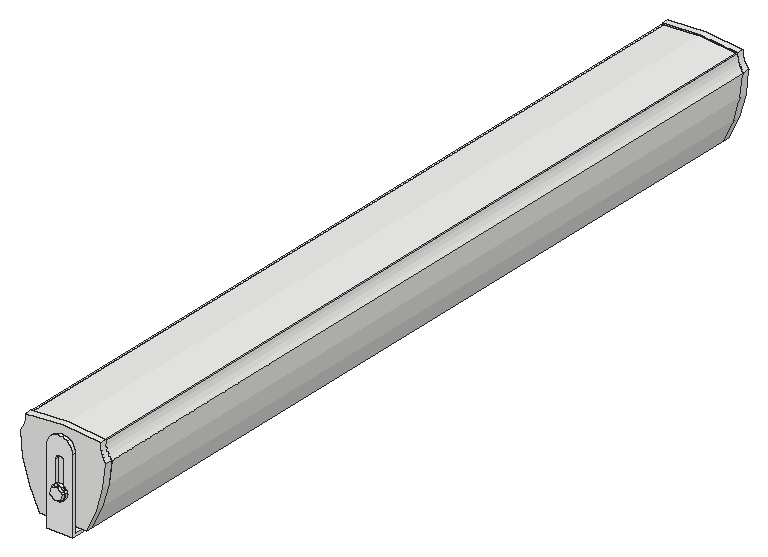
Revit family "Electronics_Desono_Biamp_Two-Way-Column-Loudspeaker_COLS81", category Communication Devices, host Face, Revit 2020
Family settings
  Host = Face
  Maintain Annotation Orientation = No
  Round Connector Dimension = Use Diameter
  Part Type = Normal
  OmniClass Number = 23.85.10.11.14.14.14
  OmniClass Title = Loudspeakers
  Cut with Voids When Loaded = No
  Shared = No
  Room Calculation Point = No
Parameters (values of type "COLS81")
  Width = 0' - 2.59843"  # constant formula
  Weight = 6.40 lbf  # constant formula
  URL = "https://www.biamp.com/"
  Transformer = "70V: 30W, 15W, 7.5W, 3W; 100V: 30W, 15W, 7.5W"  # constant formula
  Transducers = "LF 8 x 2 (51 mm) coated paper cone HF 1 x 1 (25 mm) soft dome"  # constant formula
  Shipping Weight = 7.30 lbf  # constant formula
  Rotate angle [instance] = 0.00°
  Recommended Amplifers = "30W - 60W @ 16Ω (22V - 31V)"  # constant formula
  Product data url = "https://www.bimobject.com/biamp/product/cols81_desono-column"
  Product Page URL = "https://www.biamp.com/products/product-families/desono/column-loudspeakers#cols81"
  Product Documentation Link = "https://downloads.biamp.com/assets/docs/default-source/data-sheets/biamp_data_sheet_desono_cols81_jun21.pdf"
  Operating Range 2 (-10dB) = "185 Hz to 22 kHz"  # constant formula
  Operating Mode = "Passive"  # constant formula
  Operating Environment = "Indoor/Outdoor"  # constant formula
  Offset [instance] = 0' - 0"
  Nominal Sensitivity @ 1m = "1W - 89dB; 2.83V - 86dB"  # constant formula
  Nominal Maximum SPL @ 1m = "Peak - 110dB; Continuous - 104dB"  # constant formula
  Nominal Beamwidth (H x V) = "120° x 15°"  # constant formula
  Nom rotate angle [instance] = if(and(Nom offset < 0' 0 1/4", or(Rotate angle < -15.00°, Rotate angle = -15.00°)), -15.00°, if(and(Nom offset < 0' 0 1/4", and(Rotate angle > -15.00°, Rotate angle < 15.00°)), Rotate angle, if(and(Nom offset < 0' 0 1/4", or(Rotate angle > 15.00°, Rotate angle = 15.00°)), 15.00°, if(and(and(Nom offset > 0' 0 51/256", Nom offset < 0' 0 217/256"), or(Rotate angle < -90.00°, Rotate angle = -90.00°)), -90.00°, if(and(and(Nom offset > 0' 0 51/256", Nom offset < 0' 0 217/256"), and(Rotate angle > -90.00°, Rotate angle < 90.00°)), Rotate angle, if(and(and(Nom offset > 0' 0 51/256", Nom offset < 0' 0 217/256"), or(Rotate angle > 90.00°, Rotate angle = 90.00°)), 90.00°, 0.00°))))))  # 0.00°
  Nom offset [instance] = if(or(Offset < 0' 0", Offset = 0' 0"), 0' 0", if(and(Offset > 0' 0", Offset < 0' 0 217/256"), Offset, if(or(Offset > 0' 0 217/256", Offset = 0' 0 217/256"), 0' 0 217/256", 0' 0")))  # 0' - 0"
  Mounting Provisions = "Adjustable tilt L-bracket"  # constant formula
  Model = "COLS81"  # constant formula
  Manufacturer = "Biamp"  # constant formula
  Input Connection = "Multi-position pass-through, screw-down terminal block"  # constant formula
  Housing Material = Biamp - Plastic - White
  Height = 2' - 0.17323"  # constant formula
  Grill Material = Biamp - Plastic - White(Grid)
  Environmental = "IP66 per IEC 60529"  # constant formula
  Description = "Desono™ COLS81 Two-Way 8 x 2 Column Loudspeaker"  # constant formula
  Depth = 0' - 2.59843"  # constant formula
  Default Elevation = 4' - 0"
  Controls = "None; select transformer tap or low impedance input via terminal block wiring"  # constant formula
  Continuous Power Handling Nominal Impedance = "22V; 30W @ 16Ω (120W peak)"  # constant formula
  Connector Description = "Terminal block; Low impedance 16 ohms; 70V/100V operation"  # constant formula
  Bracket Material = Biamp - Metal - White
Reference planes (in)
  plane 1 "Center (Front/Back)": y = 0
  plane 2: z = 0
  plane 3 "Center (Left/Right)": x = 0
  plane 4: z = 1.09766
  plane 5: z = 1.09766
Forms (in)
  Sweep 1, solid, material "Biamp - Metal - White" <- "Bracket Material", detail levels coarse
    path origin (0, 0, 0) x (1, 0, 0) y (0, 1, 0)
      loop
        line (0.3937, 0) -> (-0.3937, 0)
    profile origin (0, 0, 0) x (0, -1, 0) y (0, 0, 1)
      loop
        line (-12.20472, 0) -> (-9.13386, 0) -> (-9.13386, 0.07874) -> (-12.12598, 0.07874) -> (-12.12598, 2.61565) -> (-12.20472, 2.61565) -> (-12.20472, 0)
      loop
        line (12.20472, 0) -> (12.20472, 2.61565) -> (12.12598, 2.61565) -> (12.12598, 0.07874) -> (9.13386, 0.07874) -> (9.13386, 0) -> (12.20472, 0)
  Sweep 2, solid, material "Biamp - Metal - White" <- "Bracket Material", detail levels medium+fine
    path origin (0, 0, 0) x (1, 0, 0) y (0, 1, 0)
      loop
        line (0.3937, 0) -> (-0.3937, 0)
    profile origin (0, 0, 0) x (0, -1, 0) y (0, 0, 1)
      loop
        line (-12.20472, 0) -> (-9.13386, 0) -> (-9.13386, 0.07874) -> (-12.12598, 0.07874) -> (-12.12598, 2.61565) -> (-12.20472, 2.61565) -> (-12.20472, 0)
      loop
        line (12.20472, 0) -> (12.20472, 2.61565) -> (12.12598, 2.61565) -> (12.12598, 0.07874) -> (9.13386, 0.07874) -> (9.13386, 0) -> (12.20472, 0)
  Sweep 3, void
    path origin (0, 0, 0) x (1, 0, 0) y (0, 1, 0)
      loop
        line (0, -12.28346) -> (0, 12.28346)
    profile origin (0, 0, 0) x (-1, 0, 0) y (0, 0, 1)
      loop
        line (0.3937, 2.22195) -> (0.7874, 2.73406) -> (-0.7874, 2.73406) -> (-0.3937, 2.22195)
        arc (-0.3937, 2.22195) -> (0, 2.61565) -> (0.3937, 2.22195) r 0.3937
  Sweep 4, void
    path origin (0, 0, 0) x (1, 0, 0) y (0, 1, 0)
      loop
        line (0, -12.28346) -> (0, 12.28346)
    profile origin (0, 0, 0) x (-1, 0, 0) y (0, 0, 1)
      loop
        line (0.11834, 1.08194) -> (0.11834, 1.95664)
        arc (0.11834, 1.95664) -> (0, 2.07499) -> (-0.11834, 1.95664) r 0.11834
        line (-0.11834, 1.95664) -> (-0.11834, 1.08194)
        arc (-0.11834, 1.08194) -> (0, 0.9636) -> (0.11834, 1.08194) r 0.11834
  Revolve 5, solid, material "Biamp - Metal - White" <- "Bracket Material"
    sketch origin (0, 0, 0) x (0, 1, 0) y (0, 0, 1)
      loop
        line (11.9853, 1.09766) -> (12.27165, 1.09766) -> (12.27165, 1.31774) -> (12.20472, 1.31774) -> (12.20472, 1.15852) -> (11.9853, 1.15852) -> (11.9853, 1.09766)
      loop
        line (-11.9853, 1.09766) -> (-11.9853, 1.15852) -> (-12.20472, 1.15852) -> (-12.20472, 1.31774) -> (-12.27165, 1.31774) -> (-12.27165, 1.09766) -> (-11.9853, 1.09766)
      axis (-12.27165, 1.09766) -> (12.27165, 1.09766)
    angle from 0 to 360
  Sweep 6, solid, material "Biamp - Metal - White" <- "Bracket Material", detail levels medium+fine
    path origin (0, 4.13386, 0) x (0, 1, 0) y (0, 0, 1)
      loop
        line (8.13779, 1.09766) -> (8.21091, 1.09766)
    profile origin (0, 12.30821, 1.09766) x (0, 0, 1) y (1, 0, 0)
      loop
        line (0.05002, 0.18667) -> (-0.13665, 0.13665) -> (-0.18667, -0.05002) -> (-0.05002, -0.18667) -> (0.13665, -0.13665) -> (0.18667, 0.05002) -> (0.05002, 0.18667)
  Sweep 7, solid, material "Biamp - Metal - White" <- "Bracket Material", detail levels medium+fine
    path origin (0, -4.13386, 0) x (0, -1, 0) y (0, 0, 1)
      loop
        line (8.13779, 1.09766) -> (8.21091, 1.09766)
    profile origin (0, -12.30821, 1.09766) x (0, 0, -1) y (1, 0, 0)
      loop
        line (-0.05002, 0.18667) -> (-0.18667, 0.05002) -> (-0.13665, -0.13665) -> (0.05002, -0.18667) -> (0.18667, -0.05002) -> (0.13665, 0.13665) -> (-0.05002, 0.18667)
Cuts and joins
  Sweep 3, Sweep 4 cuts Sweep 2
  Sweep 4 cuts Sweep 1
Lines and regions (in)
  Masking region 1
    outline origin (0, 0, 0) x (1, 0, 0) y (0, 0, 1)
      loop
        line (-0.3937, 0) -> (0.3937, 0) -> (0.3937, 2.22195)
        arc (0.3937, 2.22195) -> (0, 2.61565) -> (-0.3937, 2.22195) r 0.3937
        line (-0.3937, 2.22195) -> (-0.3937, 0)
      loop
        line (0.11834, 1.08194) -> (0.11834, 1.95664)
        arc (0.11834, 1.95664) -> (0, 2.07499) -> (-0.11834, 1.95664) r 0.11834
        line (-0.11834, 1.95664) -> (-0.11834, 1.08194)
        arc (-0.11834, 1.08194) -> (0, 0.9636) -> (0.11834, 1.08194) r 0.11834
  Masking region 2
    outline origin (0, 0, 0) x (1, 0, 0) y (0, 1, 0)
      loop
        line (-0.3937, 12.28346) -> (-0.3937, 9.2126) -> (0.3937, 9.2126) -> (0.3937, 12.28346) -> (-0.3937, 12.28346)
      loop
        line (-0.3937, -12.28346) -> (0.3937, -12.28346) -> (0.3937, -9.2126) -> (-0.3937, -9.2126) -> (-0.3937, -12.28346)
  Masking region 3
    outline origin (0, 0, 0) x (1, 0, 0) y (0, 0, 1)
      loop
        circle (0, 1.09766) r 0.22008
  reference lines
    curve 1: line (0, 0, 1.09766) -> (0, 0, 4.64096)
Dimensions and locks (in)
  Masking region 1 sketch curve to Masking region 1 sketch curve = 0' - 2.22195"
  plane 2 to Masking region 1 sketch curve = 0' - 1.08194"
  "Nom offset": plane 4 to plane 5
  "Nom rotate angle": angle curve 1 to plane 3 "Center (Left/Right)"
  aligned and locked: plane 2 to host face
  aligned and locked: level to host face
  aligned and locked: plane 3 "Center (Left/Right)" to curve 1
  aligned and locked: plane 4 to curve 1
  aligned and locked: Sweep 7 sketch curve to plane 4
Automatic sketch dimensions
  host sketch curve to host sketch curve = 8' - 0"  (x2)
  plane 1 "Center (Front/Back)" to Sweep 1 sketch curve = 0' - 0"
  Sweep 1 sketch curve to plane 3 "Center (Left/Right)" = 0' - 0.3937"
  plane 3 "Center (Left/Right)" to Sweep 1 sketch curve = 0' - 0.3937"
  Sweep 1 sketch curve to level = 0' - 0"  (x2)
  level to Sweep 1 sketch curve = 0' - 2.61565"
  profile plane to Sweep 1 sketch curve = 1' - 0.20472"
  Sweep 1 sketch curve to Sweep 1 sketch curve = 0' - 0.07874"  (x2)
  level to Sweep 1 sketch curve = 0' - 0.07874"  (x2)
  Sweep 1 sketch curve to Sweep 1 sketch curve = 0' - 2.99213"  (x2)
  Sweep 1 sketch curve to profile plane = 0' - 9.13386"
  Sweep 1 sketch curve to Sweep 1 sketch curve = 0' - 2.53691"
  plane 1 "Center (Front/Back)" to Sweep 2 sketch curve = 0' - 0"
  Sweep 2 sketch curve to plane 3 "Center (Left/Right)" = 0' - 0.3937"
  plane 3 "Center (Left/Right)" to Sweep 2 sketch curve = 0' - 0.3937"
  Sweep 2 sketch curve to level = 0' - 0"  (x2)
  level to Sweep 2 sketch curve = 0' - 2.61565"
  profile plane to Sweep 2 sketch curve = 1' - 0.20472"
  Sweep 2 sketch curve to Sweep 2 sketch curve = 0' - 0.07874"  (x2)
  level to Sweep 2 sketch curve = 0' - 0.07874"  (x2)
  Sweep 2 sketch curve to Sweep 2 sketch curve = 0' - 2.99213"  (x2)
  Sweep 2 sketch curve to profile plane = 0' - 9.13386"
  Sweep 2 sketch curve to Sweep 2 sketch curve = 0' - 2.53691"
  Sweep 3 sketch curve to profile plane = 0' - 0"
  profile plane to Sweep 3 sketch curve = 0' - 0.3937"
  Sweep 3 sketch curve to Sweep 3 sketch curve = 0' - 0.3937"  (x2)
  level to Sweep 3 sketch curve = 0' - 2.22195"
  Sweep 3 sketch curve to Sweep 3 sketch curve = 0' - 0.51211"
  Sweep 4 sketch curve to plane 3 "Center (Left/Right)" = 0' - 0"
  plane 1 "Center (Front/Back)" to Sweep 4 sketch curve = 1' - 0.28346"
  Sweep 4 sketch curve to plane 1 "Center (Front/Back)" = 1' - 0.28346"
  Sweep 4 sketch curve to profile plane = 0' - 0"
  profile plane to Sweep 4 sketch curve = 0' - 0.11834"
  level to Sweep 4 sketch curve = 0' - 1.08194"
  Sweep 4 sketch curve to Sweep 4 sketch curve = 0' - 0.8747"
  Revolve 5 sketch curve to plane 4 = 0' - 0"  (x3)
  plane 1 "Center (Front/Back)" to Revolve 5 sketch curve = 1' - 0.27165"
  Revolve 5 sketch curve to Revolve 5 sketch curve = 0' - 0.06693"  (x2)
  Revolve 5 sketch curve to Revolve 5 sketch curve = 0' - 0.21943"  (x2)
  Revolve 5 sketch curve to plane 1 "Center (Front/Back)" = 0' - 11.9853"
  plane 4 to Revolve 5 sketch curve = 0' - 0.06086"  (x2)
  Revolve 5 sketch curve to Revolve 5 sketch curve = 0' - 0.15922"  (x2)
  Revolve 5 sketch curve to Revolve 5 sketch curve = 0' - 4.26876"
  Revolve 5 sketch curve to Revolve 5 sketch curve = 0' - 3.96457"
  Sweep 6 sketch curve to plane 4 = 0' - 0"
  Sweep 6 sketch curve to plane 1 "Center (Front/Back)" = 1' - 0.27165"
  Sweep 6 sketch curve to Sweep 6 sketch curve = 0' - 0.07312"
  Sweep 6 sketch curve to plane 3 "Center (Left/Right)" = 0' - 0.05002"
  profile plane to Sweep 6 sketch curve = 0' - 0.18667"
  profile plane to Sweep 6 sketch curve = 0' - 0.13665"
  profile plane to Sweep 6 sketch curve = 0' - 0.05002"
  Sweep 6 sketch curve to profile plane = 0' - 0.05002"
  Sweep 6 sketch curve to profile plane = 0' - 0.13665"
  plane 3 "Center (Left/Right)" to Sweep 6 sketch curve = 0' - 0.05002"
  Sweep 6 sketch curve to profile plane = 0' - 0.18667"
  Sweep 6 sketch curve to plane 3 "Center (Left/Right)" = 0' - 0.13665"
  Sweep 6 sketch curve to plane 3 "Center (Left/Right)" = 0' - 0.18667"
  plane 3 "Center (Left/Right)" to Sweep 6 sketch curve = 0' - 0.13665"
  plane 3 "Center (Left/Right)" to Sweep 6 sketch curve = 0' - 0.18667"
  Sweep 7 sketch curve to plane 1 "Center (Front/Back)" = 1' - 0.27165"
  Sweep 7 sketch curve to Sweep 7 sketch curve = 0' - 0.07312"
  plane 3 "Center (Left/Right)" to Sweep 7 sketch curve = 0' - 0.05002"
  profile plane to Sweep 7 sketch curve = 0' - 0.18667"
  profile plane to Sweep 7 sketch curve = 0' - 0.13665"
  profile plane to Sweep 7 sketch curve = 0' - 0.05002"
  Sweep 7 sketch curve to profile plane = 0' - 0.05002"
  Sweep 7 sketch curve to profile plane = 0' - 0.13665"
  Sweep 7 sketch curve to plane 3 "Center (Left/Right)" = 0' - 0.05002"
  Sweep 7 sketch curve to profile plane = 0' - 0.18667"
  Sweep 7 sketch curve to plane 3 "Center (Left/Right)" = 0' - 0.13665"
  Sweep 7 sketch curve to plane 3 "Center (Left/Right)" = 0' - 0.18667"
  plane 3 "Center (Left/Right)" to Sweep 7 sketch curve = 0' - 0.13665"
  plane 3 "Center (Left/Right)" to Sweep 7 sketch curve = 0' - 0.18667"
  Masking region 1 sketch curve to level = 0' - 0"
  Masking region 1 sketch curve to plane 3 "Center (Left/Right)" = 0' - 0.3937"
  Masking region 1 sketch curve to plane 3 "Center (Left/Right)" = 0' - 0"  (x2)
  Sweep 3 sketch curve to plane 3 "Center (Left/Right)" = 0' - 0"
  plane 1 "Center (Front/Back)" to Sweep 3 sketch curve = 1' - 0.28346"
  Sweep 3 sketch curve to plane 1 "Center (Front/Back)" = 1' - 0.28346"
  Masking region 2 sketch curve to plane 3 "Center (Left/Right)" = 0' - 0.3937"  (x2)
  plane 3 "Center (Left/Right)" to Masking region 2 sketch curve = 0' - 0.3937"  (x2)
  plane 1 "Center (Front/Back)" to Masking region 2 sketch curve = 1' - 0.28346"
  Masking region 2 sketch curve to Masking region 2 sketch curve = 0' - 3.07087"  (x2)
  Masking region 2 sketch curve to plane 1 "Center (Front/Back)" = 0' - 9.2126"
  Masking region 1 sketch curve to Masking region 1 sketch curve = 0' - 0.11834"
  Masking region 1 sketch curve to Masking region 1 sketch curve = 0' - 0.26531"
  Masking region 3 sketch curve to plane 3 "Center (Left/Right)" = 0' - 0"
  Masking region 3 sketch curve to plane 4 = 0' - 0"
  radius of Masking region 3 sketch curve = 0' - 0.22008"
Nested families (in)
  nested 1: "COLS81" at (0, 0, 0.23644), Housing Material <- "Housing Material", Grill <- "Grill Material", type "COLS81"
    with Housing Material Biamp - Plastic - White, Grill Biamp - Plastic - White(Grid)
Connectors (in)
  electrical at (0.00001, -6.39764, 0.28365), driven by "Connector Description"
    settings: on nested 1, index 1, voltage 0 V, apparent load 0 VA, apparent load phase1 0 VA, apparent load phase2 0 VA, apparent load phase3 0 VA, power factor 1, load classification "Other", number of poles 1, system type 5, power factor state 1, is connector primary yes, connector utility no, sub classification motor no, connector description "Terminal block; Low impedance 16 ohms; 70V/100V operation"
Definition of nested family "COLS81"
  Parameters (values of type "COLS81")
    Housing Material [instance] = none
    Grill [instance] = none
    Default Elevation = 4' - 0"
  Reference planes (in)
    plane 1 "Center (Front/Back)": y = 0
    plane 2: z = 0
    plane 3 "Center (Left/Right)": x = 0
  Forms (in)
    Extrusion 1, solid, material <- "Housing Material", detail levels coarse
      sketch origin (0, 0, 0) x (1, 0, 0) y (0, 0, 1)
        loop
          line (-0.71874, 0) -> (0.71874, 0)
          arc (0.71874, 0) -> (1.11926, 0.97774) -> (1.2915, 2.0202) r 4.70511
          arc (1.2915, 2.0202) -> (1.16796, 2.24634) -> (1.12608, 2.50061) r 0.76881
          arc (1.12608, 2.50061) -> (0, 2.58381) -> (-1.12608, 2.50061) r 7.66194
          arc (-1.12608, 2.50061) -> (-1.16796, 2.24634) -> (-1.2915, 2.0202) r 0.76881
          arc (-1.2915, 2.0202) -> (-1.11926, 0.97774) -> (-0.71874, 0) r 4.70511
      from -12.08661 to 12.08661
    Extrusion 2, solid, material <- "Housing Material", detail levels medium+fine
      sketch origin (0, 0, 0) x (1, 0, 0) y (0, 0, 1)
        loop
          line (-0.71874, 0) -> (0.71874, 0)
          arc (0.71874, 0) -> (1.11926, 0.97774) -> (1.2915, 2.0202) r 4.70511
          arc (1.2915, 2.0202) -> (1.16406, 2.25798) -> (1.1266, 2.52514) r 0.76881
          arc (1.1266, 2.52514) -> (0, 2.60841) -> (-1.1266, 2.52514) r 7.66194
          arc (-1.1266, 2.52514) -> (-1.16406, 2.25798) -> (-1.2915, 2.0202) r 0.76881
          arc (-1.2915, 2.0202) -> (-1.11926, 0.97774) -> (-0.71874, 0) r 4.70511
      from 11.88976 to 12.08661
    Extrusion 3, solid, material <- "Housing Material", detail levels medium+fine
      sketch origin (0, 0, 0) x (1, 0, 0) y (0, 0, 1)
        loop
          line (-0.71874, 0) -> (0.71874, 0)
          arc (0.71874, 0) -> (1.11926, 0.97774) -> (1.2915, 2.0202) r 4.70511
          arc (1.2915, 2.0202) -> (1.16406, 2.25798) -> (1.1266, 2.52514) r 0.76881
          arc (1.1266, 2.52514) -> (0, 2.60841) -> (-1.1266, 2.52514) r 7.66194
          arc (-1.1266, 2.52514) -> (-1.16406, 2.25798) -> (-1.2915, 2.0202) r 0.76881
          arc (-1.2915, 2.0202) -> (-1.11926, 0.97774) -> (-0.71874, 0) r 4.70511
      from -12.08661 to -11.88976
    Extrusion 4, solid, material <- "Housing Material", detail levels medium+fine
      sketch origin (0, 0, 0) x (1, 0, 0) y (0, 0, 1)
        loop
          line (-0.71874, 0) -> (0.71874, 0)
          arc (0.71874, 0) -> (1.11926, 0.97774) -> (1.2915, 2.0202) r 4.70511
          arc (1.2915, 2.0202) -> (1.16796, 2.24634) -> (1.12608, 2.50061) r 0.76881
          arc (1.12608, 2.50061) -> (0, 2.58381) -> (-1.12608, 2.50061) r 7.66194
          arc (-1.12608, 2.50061) -> (-1.16796, 2.24634) -> (-1.2915, 2.0202) r 0.76881
          arc (-1.2915, 2.0202) -> (-1.11926, 0.97774) -> (-0.71874, 0) r 4.70511
      from -11.88976 to 11.88976
    Extrusion 5, void
      sketch origin (0, 0, 0) x (1, 0, 0) y (0, 1, 0)
        loop
          line (-1.10639, -11.88976) -> (1.1064, -11.88976) -> (1.1064, 11.88976) -> (-1.10639, 11.88976) -> (-1.10639, -11.88976)
      from 2.36707 to 2.82334
    Extrusion 6, solid, material <- "Grill", detail levels medium+fine
      sketch origin (0, -12.08661, 0) x (1, 0, 0) y (0, 0, 1)
        loop
          line (-1.10639, 2.50351) -> (-1.10639, 2.42392)
          arc (-1.10639, 2.42392) -> (0.00001, 2.50507) -> (1.1064, 2.42392) r 7.58319
          line (1.1064, 2.42392) -> (1.1064, 2.5035)
          arc (1.1064, 2.5035) -> (0.00001, 2.58381) -> (-1.10639, 2.50351) r 7.66194
      from -23.97638 to -0.19685
    Extrusion 7, void
      sketch origin (-0.71874, -0.59055, 0) x (-1, 0, 0) y (0, -1, 0)
        loop
          circle (-0.71875, 5.80709) r 0.19685
      from 0 to 0.04722
  Cuts and joins
    Extrusion 7 cuts Extrusion 1
    Extrusion 5, Extrusion 7 cuts Extrusion 4
    Extrusion 7 cuts Extrusion 6
  Lines and regions (in)
    Masking region 1
      outline origin (0, 0, 0) x (1, 0, 0) y (0, 1, 0)
        loop
          line (-1.2915, 12.08661) -> (-1.2915, 11.88976) -> (1.2915, 11.88976) -> (1.2915, 12.08661) -> (-1.2915, 12.08661)
        loop
          line (-1.2915, -11.88976) -> (-1.2915, -12.08661) -> (1.2915, -12.08661) -> (1.2915, -11.88976) -> (-1.2915, -11.88976)
    Masking region 2
      outline origin (0, 0, 0) x (1, 0, 0) y (0, 1, 0)
        loop
          line (-1.2915, 11.88976) -> (-1.2915, -11.88976) -> (1.2915, -11.88976) -> (1.2915, 11.88976) -> (-1.2915, 11.88976)
    Masking region 3
      outline origin (0, 0, 0) x (1, 0, 0) y (0, 1, 0)
        loop
          line (-1.10639, 11.88976) -> (-1.10639, -11.88976) -> (1.1064, -11.88976) -> (1.1064, 11.88976) -> (-1.10639, 11.88976)
    Masking region 4
      outline origin (0, 0, 0) x (1, 0, 0) y (0, 0, 1)
        loop
          arc (-1.2915, 2.0202) -> (-1.11926, 0.97774) -> (-0.71874, 0) r 4.70511
          line (-0.71874, 0) -> (0.71874, 0)
          arc (0.71874, 0) -> (1.11926, 0.97774) -> (1.2915, 2.0202) r 4.70511
          arc (1.2915, 2.0202) -> (1.16406, 2.25798) -> (1.1266, 2.52514) r 0.76881
          arc (1.1266, 2.52514) -> (0, 2.60841) -> (-1.1266, 2.52514) r 7.66194
          arc (-1.1266, 2.52514) -> (-1.16406, 2.25798) -> (-1.2915, 2.0202) r 0.76881
  Dimensions and locks (in)
    aligned and locked: level to plane 2
